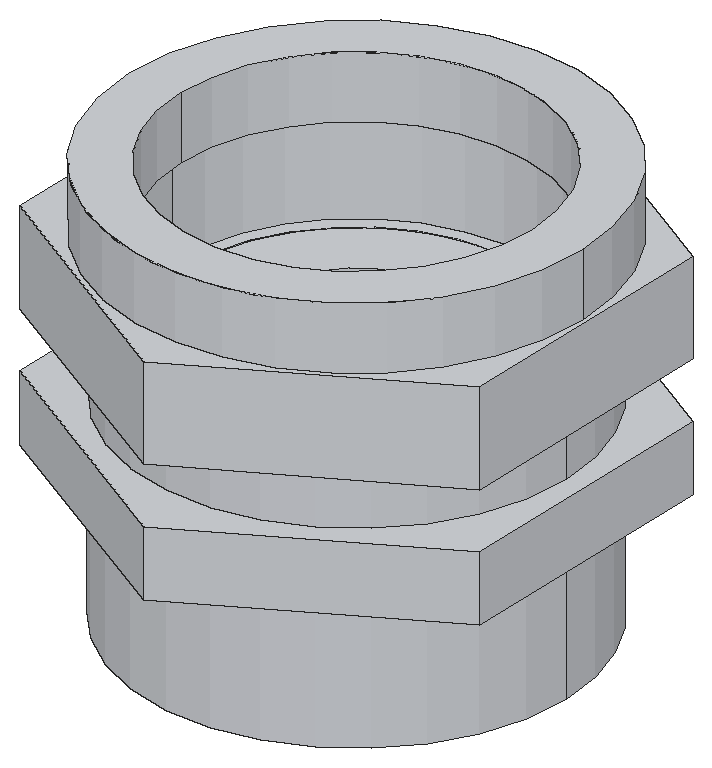
Revit family "BTG3", category Generic Models, Revit 2017
Family settings
  Can host rebar = No
  Round Connector Dimension = Use Diameter
  Part Type = Normal
  Work Plane-Based = Yes
  Always vertical = No
  Cut with Voids When Loaded = No
  Shared = No
  Room Calculation Point = No
Parameters (values of type "NBS Standard Parameters")
  Weight = "0.0800Kg"
  WarrantyStartDate [instance] = "1900-12-31T23:59:59"
  WarrantyGuarantorParts = "n/a"
  WarrantyGuarantorLabor = "n/a"
  WarrantyDurationUnit = "1 year"
  WarrantyDurationParts = "n/a"
  WarrantyDurationLabor = "n/a"
  WarrantyDescription = "n/a"
  Version = "1"
  Uniclass2 = "Pr_65_70_11_20"
  TagNumber [instance] = "n/a"
  SustainabilityPerformance = "n/a"
  Size = "32mm"
  Shape = "Circular"
  SerialNumber [instance] = "n/a"
  Revision = "n/a"
  ReplacementCost = "n/a"
  ProductInformation = "www.metpro.co.uk/pdf/btg3.pdf"
  NominalWidth = 35 mm
  NominalLength = 35 mm
  NominalHeight = 25 mm
  Name = ""
  NBSTypeID = ""
  NBSReference = "90-55-10/460"
  NBSOfficeMasterTag = ""
  NBSNote = ""
  NBSDescription = "Conduit Fittings"
  NBSCertification = ""
  ModelReference = "BTG3"
  ModelNumber = "n/a"
  Material = "Brass"
  ManufacturerURL = "www.metpro.co.uk"
  ManufacturerName = "Metpro Ltd"
  Keynote = "Comprises of Two Part Gland Body c/w Internal Rubber Seal"
  InstallationDate [instance] = "1900-12-31T23:59:59"
  IfcExportType = ""
  IfcExportAs = ""
  Grade = "n/a"
  Finish = "Self Colour"
  Features = "n/a"
  ExpectedLife = "n/a"
  DurationUnit = "year"
  Description = "BTG3 -32mm Brass TRS Gland"
  Default Elevation = 1219.2 mm
  Constituents = "n/a"
  Color = "n/a"
  CodePerformance = "n/a"
  Category = "n/a"
  BarCode [instance] = "n/a"
  BIMObjectName = "Metpro_metprolibrary_conduitfittings_metalcomponent_brassaccessories"
  Author = "Metpro Limited"
  AssetType = ""
  AssetIdentifier [instance] = "n/a"
  AccessibilityPerformance = "n/a"
Reference planes
  plane 1 "Center (Front/Back)": y = 0
  plane 2: z = 0
  plane 3 "Center (Left/Right)": x = 0
Forms (mm)
  Extrusion 1, solid
    sketch origin (8396.681, 899.683, -445.368) x (1, 0, 0) y (0, 1, 0)
      loop
        circle (2.528, 0) r 16
      loop
        circle (2.528, 0) r 13
    from 0 to 10
  Extrusion 2, solid
    sketch origin (8396.681, 899.683, -435.368) x (1, 0, 0) y (0, 1, 0)
      loop
        circle (2.528, 0) r 8.008
      loop
        line (20.02, 10.099) -> (2.528, 20.198) -> (-14.965, 10.099) -> (-14.965, -10.099) -> (2.528, -20.198) -> (20.02, -10.099) -> (20.02, 10.099)
    from 0 to 5
  Extrusion 3, solid
    sketch origin (8396.681, 899.683, -430.368) x (1, 0, 0) y (0, 1, 0)
      loop
        circle (2.528, 0) r 16
      loop
        circle (2.528, 0) r 13
    from 0 to 4.237
  Extrusion 4, solid
    sketch origin (8396.681, 899.683, -426.131) x (1, 0, 0) y (0, 1, 0)
      loop
        circle (2.528, 0) r 14
      loop
        line (20.02, -10.099) -> (20.02, 10.099) -> (2.528, 20.198) -> (-14.965, 10.099) -> (-14.965, -10.099) -> (2.528, -20.198) -> (20.02, -10.099)
    from 0 to 7
  Extrusion 5, solid
    sketch origin (8396.681, 899.683, -419.131) x (1, 0, 0) y (0, 1, 0)
      loop
        circle (2.528, 0) r 13.347
      loop
        circle (2.528, 0) r 17.188
    from 0 to 4.75
  Extrusion 6, solid
    sketch origin (8396.681, 899.683, -426.131) x (0, 1, 0) y (1, 0, 0)
      loop
        circle (0, 2.528) r 14
      loop
        circle (0, 2.528) r 8
    from 0 to 2
Dimensions and locks
  aligned and locked: level to plane 2
